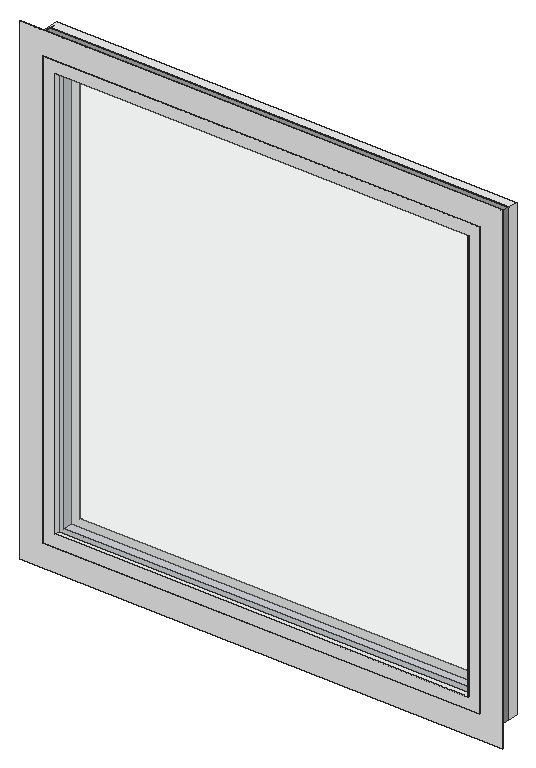
Revit family "Edge_TB42_E_Top_Hung_Custom", category Windows, host Wall, Revit 2014
Parameters (values of type "Casement_Sash_DG")
  Width Sash [instance] = 30 mm
  Width Sash Inner = 15 mm
  Width Bead = 15 mm
  Top Hung [instance] = yes
  Thermal Break Material = Rubber, Black
  Thermal Break Length = 16 mm
  Side Hung Right [instance] = yes
  Side Hung Left [instance] = yes
  Sash Opening Width [instance] = 600 mm
  Sash Opening Height [instance] = 600 mm
  Sash Lip = 15 mm
  Sash Leg [instance] = (Depth Sash - Thermal Break Length) / 2  # 13 mm
  SG Bead Leg = 6.683 mm
  Glazing Material [instance] = Glass
  Glazing Offset = 5 mm
  DG Start Piece 2 [instance] = DG End Piece 1 + DG Gasket Thickness  # 24.158 mm
  DG Start Peice 1 [instance] = ((Depth Sash - (2 * DG Glazing Thickness) - DG Gasket Thickness) / 2) - (SG Bead Leg - Aluminium Thickness) / 2  # 5.758 mm
  DG Glazing Thickness [instance] = 6.4 mm
  DG Gasket Thickness = 12 mm  # constant formula
  DG Gasket Material [instance] = none
  Depth Sash [instance] = 42 mm
  DG End Piece 2 [instance] = DG Start Piece 2 + DG Glazing Thickness  # 30.558 mm
  DG End Piece 1 [instance] = DG Start Peice 1 + DG Glazing Thickness  # 12.158 mm
  Center Vertical Sash [instance] = Sash Opening Height / 2  # 300 mm
  Center Horizontal Sash [instance] = Sash Opening Width / 2  # 300 mm
  Bottom Hung [instance] = yes
  Bead Offset = 15 mm
  Aluminium Thickness = 1 mm
  Aluminium Material [instance] = White Powder Coated Aluminium
Reference planes
  plane 1 "Center (Front/Back)": y = 0
  plane 2: z = 0
  plane 3 "Center (Left/Right)": x = 0
Forms (mm)
  Sweep 1, solid, material "White Powder Coated Aluminium" <- "Aluminium Material"
    path origin (16.177, 0, 121.331) x (1, 0, 0) y (0, 0, 1)
      loop
        line (0, 0) -> (600, 0) -> (600, 600) -> (0, 600) -> (0, 0)
    profile origin (316.177, 0, 121.331) x (0, 0, 1) y (0, -1, 0)
      loop
        line (0, 0) -> (30, 0) -> (30, 1) -> (15, 1) -> (15, 13) -> (14, 13) -> (14, 1) -> (1, 1) -> (1, 13) -> (0, 13) -> (0, 0)
      loop
        line (15, 42) -> (-15, 42) -> (-15, 41) -> (0, 41) -> (0, 29) -> (1, 29) -> (1, 41) -> (14, 41) -> (14, 29) -> (15, 29) -> (15, 42)
  Sweep 2, solid, material "White Powder Coated Aluminium" <- "Aluminium Material"
    path origin (0, 0, 0) x (1, 0, 0) y (0, 0, 1)
      loop
        line (31.177, 706.331) -> (31.177, 136.331) -> (601.177, 136.331) -> (601.177, 706.331) -> (31.177, 706.331)
    profile origin (316.177, 0, 706.331) x (0, 0, 1) y (0, -1, 0)
      loop
        line (0, 41) -> (0, 42) -> (-15, 42) -> (-15, 35.317) -> (-14, 35.317) -> (-14, 41) -> (0, 41)
  Extrusion 3, solid, material "Glass" <- "Glazing Material"
    sketch origin (0, 0, 0) x (1, 0, 0) y (0, 0, 1)
      loop
        line (36.177, 701.331) -> (36.177, 141.331) -> (596.177, 141.331) -> (596.177, 701.331) -> (36.177, 701.331)
    from 5.758 <- "DG Start Peice 1" to 12.158 <- "DG End Piece 1"
  Extrusion 4, solid, material "Glass" <- "Glazing Material"
    sketch origin (0, 0, 0) x (1, 0, 0) y (0, 0, 1)
      loop
        line (36.177, 701.331) -> (36.177, 141.331) -> (596.177, 141.331) -> (596.177, 701.331) -> (36.177, 701.331)
    from 30.558 <- "DG End Piece 2" to 24.158 <- "DG Start Piece 2"
  Sweep 5, solid, material <- "DG Gasket Material"
    path origin (0, -12.158, 0) x (1, 0, 0) y (0, 0, 1)
      loop
        line (36.177, 701.331) -> (36.177, 141.331) -> (596.177, 141.331) -> (596.177, 701.331) -> (36.177, 701.331)
    profile origin (316.177, -12.158, 701.331) x (0, 0, 1) y (0, -1, 0)
      loop
        line (0, 0) -> (0, 12) -> (-7.96, 12) -> (-7.96, 0) -> (0, 0)
  Sweep 6, solid, material "Rubber, Black" <- "Thermal Break Material"
    path origin (16.177, -13, 121.331) x (1, 0, 0) y (0, 0, 1)
      loop
        line (-15, 615) -> (-15, -15) -> (615, -15) -> (615, 615) -> (-15, 615)
    profile origin (316.177, -13, 736.331) x (0, 0, 1) y (0, -1, 0)
      loop
        line (-15, 16) -> (-16, 16) -> (-16, 0) -> (-15, 0) -> (-15, 16)
      loop
        line (-29, 16) -> (-30, 16) -> (-30, 0) -> (-29, 0) -> (-29, 16)
Lines and regions (mm)
  model lines
    curve 1: line (1.177, -42, 736.331) -> (31.177, -42, 706.331)
    curve 2: line (601.177, -42, 706.331) -> (631.177, -42, 736.331)
    curve 3: line (601.177, -42, 136.331) -> (631.177, -42, 106.331)
    curve 4: line (1.177, -42, 106.331) -> (31.177, -42, 136.331)
    curve 5: line (631.177, -41, 736.331) -> (616.177, -41, 721.331)
    curve 6: line (1.177, -41, 736.331) -> (16.177, -41, 721.331)
    curve 7: line (1.177, -41, 106.331) -> (16.177, -41, 121.331)
    curve 8: line (631.177, -41, 106.331) -> (616.177, -41, 121.331)
    curve 9: line (616.177, 0, 121.331) -> (586.177, 0, 151.331)
    curve 10: line (46.177, 0, 151.331) -> (16.177, 0, 121.331)
    curve 11: line (616.177, 0, 721.331) -> (586.177, 0, 691.331)
    curve 12: line (46.177, 0, 691.331) -> (16.177, 0, 721.331)
    curve 13: line (31.177, -42, 691.331) -> (46.177, -42, 691.331)
    curve 14: line (586.177, -42, 691.331) -> (601.177, -42, 691.331)
    curve 15: line (586.177, -42, 151.331) -> (601.177, -42, 151.331)
    curve 16: line (31.177, -42, 151.331) -> (46.177, -42, 151.331)
  model lines, style "GenericModelHiddenLines", visible <- "Top Hung"
    curve 17: line (46.386, -30.558, 690.602) -> (316.177, -30.558, 151.331)
    curve 18: line (316.177, -30.558, 151.331) -> (586.177, -30.558, 691.018)
  model lines, style "GenericModelHiddenLines", visible <- "Bottom Hung"
    curve 19: line (46.177, -30.558, 151.331) -> (316.177, -30.558, 691.018)
    curve 20: line (316.177, -30.558, 691.018) -> (586.177, -30.558, 151.331)
  model lines, style "GenericModelHiddenLines", visible <- "Side Hung Left"
    curve 21: line (46.386, -30.558, 690.602) -> (585.24, -30.558, 421.331)
    curve 22: line (585.24, -30.558, 421.331) -> (46.177, -30.558, 151.331)
  model lines, style "GenericModelHiddenLines", visible <- "Side Hung Right"
    curve 23: line (586.177, -30.558, 691.018) -> (46.177, -30.558, 421.331)
    curve 24: line (46.177, -30.558, 421.331) -> (586.177, -30.558, 151.331)
Dimensions and locks
  "Aluminium Thickness": Sweep 1 sketch curve to Sweep 1 sketch curve  (x6)
  "Depth Sash": Sweep 1 sketch curve to Sweep 1 sketch curve
  "Sash Opening Width": Sweep 1 to Sweep 1
  "Sash Opening Height": Sweep 1 to Sweep 1
  "Width Sash": Sweep 1 sketch curve to Sweep 1 sketch curve  (x2)
  "Width Sash Inner": Sweep 1 sketch curve to Sweep 1 sketch curve
  "Sash Lip": Sweep 1 sketch curve to Sweep 1 sketch curve
  "Glazing Offset": Sweep 2 to Extrusion 3 sketch curve  (x3)
  "Glazing Offset": Extrusion 3 sketch curve to Sweep 2
  Sweep 1 to Sweep 1 = 1 mm
  "Width Bead": Sweep 2 sketch curve to Sweep 2 sketch curve
  locked: Sweep 5 sketch curve to Sweep 5 sketch curve at 7.96
  "Center Horizontal Sash": Sweep 1 to curve 18
  "Center Horizontal Sash": Sweep 1 to curve 20
  "Center Vertical Sash": Sweep 1 to curve 22
  "Center Vertical Sash": Sweep 1 to curve 24
  "Sash Leg": Sweep 1 sketch curve to Sweep 1 sketch curve
  "Aluminium Thickness": Sweep 2 sketch curve to Sweep 2 sketch curve  (x2)
  "SG Bead Leg": Sweep 2 sketch curve to Sweep 2 sketch curve
  aligned and locked: level to plane 2
  aligned and locked: Sweep 1 sketch curve to Sweep 1 sketch curve  (x3)
  aligned and locked: Sweep 2 sketch curve to Sweep 1  (x4)
  aligned and locked: Sweep 1 to Sweep 2 sketch curve  (x2)
  aligned and locked: Extrusion 4 sketch curve to Extrusion 3  (x4)
  aligned and locked: Sweep 5 sketch curve to Extrusion 3  (x5)
  aligned and locked: Extrusion 3 to Sweep 5 sketch curve
  aligned and locked: Sweep 6 sketch curve to Sweep 1  (x10)
  aligned and locked: Sweep 1 to Sweep 6 sketch curve  (x2)
Automatic sketch dimensions
  plane 3 "Center (Left/Right)" to Sweep 1 sketch curve = 16.177 mm
  level to Sweep 1 sketch curve = 121.331 mm
  plane 3 "Center (Left/Right)" to Sweep 1 sketch curve = 616.177 mm
  level to Sweep 1 sketch curve = 721.331 mm
  profile plane to Sweep 5 sketch curve = 12 mm
  curve 7 to Sweep 1 = 0 mm  (x4)
  curve 6 to Sweep 1 = 0 mm  (x3)
  Sweep 1 to curve 6 = 0 mm
  curve 5 to Sweep 1 = 0 mm  (x3)
  curve 8 to Sweep 1 = 0 mm  (x4)
  Sweep 1 to curve 5 = 0 mm
  curve 16 to Sweep 2 = 0 mm  (x3)
  curve 13 to Sweep 2 = 0 mm  (x3)
  curve 15 to Sweep 2 = 0 mm
  Sweep 2 to curve 15 = 0 mm  (x2)
  curve 14 to Sweep 2 = 0 mm  (x2)
  Sweep 2 to curve 14 = 0 mm
  curve 1 to Sweep 1 = 0 mm  (x4)
  curve 4 to Sweep 1 = 0 mm  (x4)
  curve 2 to Sweep 1 = 0 mm  (x4)
  curve 3 to Sweep 1 = 0 mm  (x2)
  Sweep 1 to curve 3 = 0 mm  (x2)
  curve 10 to Sweep 1 = 0 mm  (x4)
  curve 12 to Sweep 1 = 0 mm  (x2)
  Sweep 1 to curve 12 = 0 mm  (x2)
  curve 11 to Sweep 1 = 0 mm  (x4)
  curve 9 to Sweep 1 = 0 mm  (x4)
  profile plane to Sweep 1 sketch curve = 0 mm  (x2)
  Sweep 1 sketch curve to plane 1 "Center (Front/Back)" = 0 mm
  Sweep 1 sketch curve to Sweep 1 sketch curve = 13 mm
  Sweep 1 sketch curve to Sweep 1 sketch curve = 12 mm  (x2)
  curve 21 to Extrusion 4 = 10.208 mm
  curve 19 to Extrusion 4 = 10 mm
  curve 23 to Extrusion 4 = 10 mm  (x2)
  curve 22 to Extrusion 4 = 10.937 mm
  curve 20 to Extrusion 4 = 10 mm
  curve 24 to Extrusion 4 = 10 mm
  curve 22 to Extrusion 4 = 10 mm
  curve 18 to Extrusion 4 = 10 mm
  curve 21 to Extrusion 4 = 10.729 mm
  curve 19 to Extrusion 4 = 10.312 mm
  curve 18 to Extrusion 4 = 10.312 mm
